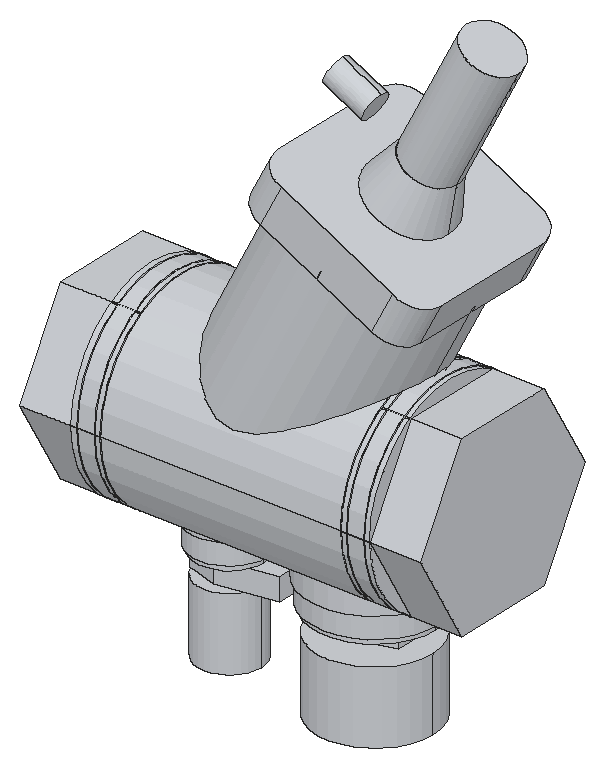
Revit family "PV_Compact_DN050_ 20-80_FF_měř_RFA_2019", category Pipe Accessories, Revit 2019
Family settings
  Round Connector Dimension = Use Diameter
  Part Type = Valve - Breaks Into
  Work Plane-Based = No
  Always vertical = Yes
  Cut with Voids When Loaded = No
  Shared = No
Parameters (values of type "PV Compact DN50 FF s měřením ( 20-80kPa)")
  magiProductId = "de24153ded7e41748f92358b184bd6"
  magiProductFamilyId = "17221e4467384e4990f0bd3f9c07cb"
  magiPartTypeId = 304
  isMeasuringValve [instance] = no
  ang2D [instance] = 0.00°
  Z7 = 15 mm
  Z6 = 46.8 mm
  Z5 = 109.2 mm
  Z4 = 93.6 mm
  Z3 = 15.6 mm
  Z2 = 78 mm
  XR3 = 42.5 mm
  XR2 = 37.5 mm
  XR1 = 25.5 mm
  W2D = 15 mm
  VersionID = "2.0/2018.12.13.2/FRESE_PV_COMPACT_PLUG_Q13_001"
  Use Minimum Symbol Size [instance] = no
  URL = "www.hydronix.cz"
  Type Comments = "závitový s vnitřním závitem; dvěma měřicími vsuvkami; PN25; dpmax=450kPa; -10~+120°C;"
  R5 = 5 mm
  R4 = 15 mm
  R3 = 10 mm
  R2 = 35.25 mm
  R1 = 31.5 mm
  QmdConnectorList = "301;D;302;D"
  Productdata [instance] = ""
  PH__ve = -PH  # -6.4 mm
  PH = 6.4 mm
  NL__ve = -NL  # -27.6 mm
  NL = 27.6 mm
  Manufacturer = "Hydronix"
  MC Use Limits From Balancing Method = no
  MC Throttling Minimum Value = 0
  MC Throttling Maximum Value = 0
  MC Product Code = "53-3218 DN50; FF; nastavitelný rozsah dp=20~80kPa; Q=5000~11500l/h;  kvs=16,2"
  MC Pressure Drop Minimum Value = 0.0 Pa
  MC Pressure Drop Maximum Value = 0.0 Pa
  MC Piping Given Pressure Drop [instance] = 0.0 Pa
  M5 = 51.4 mm
  M4 = 49.4 mm
  M3 = 43.4 mm
  M2 = 41.4 mm
  LP = 69 mm
  LM = 82.8 mm
  LL__ve = -LL  # -7.7 mm
  LLT__ve = -LLT  # -28.9 mm
  LLT = 28.9 mm
  LL2 = 52 mm
  LL = 7.7 mm
  L3 = 25 mm
  L2D_Min = 30.48 mm
  L2D = 65 mm
  Description = "Nastavitelný regulátor tlakové diference"
  DR1 = no
  DR0 = yes
  DL2 = 66 mm
  D = 50 mm
  CenSd_R2_6 = R2 * cos(30.00°)  # 30.527 mm
  CAT0 = yes
  C0D1 = no
  C0D0 = yes
Types (10, lengths in mm): name | magiProductId | Z6 | Z5 | Z4 | Z3 | Z2 | XR3 | XR2 | XR1 | R2 | R1 | PH__ve | PH | NL__ve | NL | MC Product Code | M5 | M4 | M3 | M2 | LP | LM | LL__ve | LLT__ve | LLT | LL2 | LL | L3 | D | CenSd_R2_6
  PV Compact DN15 FF s měřením ( 20-60kPa) | "92c6061b2d364c498536f200ceae3f" | 24.6 | 57.4 | 49.2 | 8.2 | 41 | 30 | 25 | 13 | 14 | 19 | -22.4 | 22.4 | -15 | 15 | "53-3205 DN15; FF; nastavitelný rozsah dp=20~60kPa; Q=100~1000l/h;  kvs=2,9" | 32.5 | 30.5 | 24.5 | 22.5 | 37.5 | 45 | -5.7 | -14.9 | 14.9 | 32 | 5.7 | 11 | 15 | 12.124
  PV Compact DN15 FF s měřením (  5-30kPa) | "f361d342a5c3496a8b127ae77303d4" | 24.6 | 57.4 | 49.2 | 8.2 | 41 | 30 | 25 | 13 | 14 | 19 | -22.4 | 22.4 | -15 | 15 | "53-3204 DN15; FF; nastavitelný rozsah dp=5~30kPa; Q=50~600l/h;  kvs=2,9" | 32.5 | 30.5 | 24.5 | 22.5 | 37.5 | 45 | -5.7 | -14.9 | 14.9 | 32 | 5.7 | 11 | 15 | 12.124
  PV Compact DN20 FF s měřením ( 20-60kPa) | "9f7cac6a20a942348ba3edadb25c10" | 24.6 | 57.4 | 49.2 | 8.2 | 41 | 30 | 25 | 13 | 14 | 19 | -22.4 | 22.4 | -15.8 | 15.8 | "53-3207 DN20; FF; nastavitelný rozsah dp=20~60kPa; Q=150~2000l/h;  kvs=3,5" | 33.7 | 31.7 | 25.7 | 23.7 | 39.5 | 47.4 | -5.7 | -14.9 | 14.9 | 32 | 5.7 | 11 | 20 | 12.124
  PV Compact DN20 FF s měřením (  5-30kPa) | "db23a1b537c14a0d8d3ef5b88ba9f3" | 24.6 | 57.4 | 49.2 | 8.2 | 41 | 30 | 25 | 13 | 14 | 19 | -22.4 | 22.4 | -15.8 | 15.8 | "53-3206 DN20; FF; nastavitelný rozsah dp=5~30kPa; Q=100~1000l/h;  kvs=3,5" | 33.7 | 31.7 | 25.7 | 23.7 | 39.5 | 47.4 | -5.7 | -14.9 | 14.9 | 32 | 5.7 | 11 | 20 | 12.124
  PV Compact DN25 FF s měřením (  5-30kPa) | "df9f1d59aa4a4bbbaec25e168ba07d" | 25.5 | 59.5 | 51 | 8.5 | 42.5 | 30 | 25 | 13 | 14 | 19 | -20.8 | 20.8 | -16.6 | 16.6 | "53-3208 DN25; FF; nastavitelný rozsah dp=5~30kPa; Q=600~2100l/h;  kvs=4,0" | 34.9 | 32.9 | 26.9 | 24.9 | 41.5 | 49.8 | -5.9 | -16.3 | 16.3 | 34 | 5.9 | 11 | 25 | 12.124
  PV Compact DN25L FF s měřením ( 20-80kPa) | "87b7cca8bace4074a54840dfb5d8dc" | 40.2 | 93.8 | 80.4 | 13.4 | 67 | 42.5 | 37.5 | 25.5 | 26.5 | 31.5 | -17.6 | 17.6 | -20 | 20 | "53-3211 DN25L; FF; nastavitelný rozsah dp=20~80kPa; Q=750~4200l/h;  kvs=8,7" | 40 | 38 | 32 | 30 | 50 | 60 | -6.3 | -19.1 | 19.1 | 38 | 6.3 | 11 | 25 | 22.95
  PV Compact DN25L FF s měřením (  5-30kPa) | "5f34f6c18cbb44599cc4b76a533b7b" | 40.2 | 93.8 | 80.4 | 13.4 | 67 | 42.5 | 37.5 | 25.5 | 26.5 | 31.5 | -17.6 | 17.6 | -20 | 20 | "53-3210 DN25L; FF; nastavitelný rozsah dp=5~30kPa; Q=600~2500l/h;  kvs=8,7" | 40 | 38 | 32 | 30 | 50 | 60 | -6.3 | -19.1 | 19.1 | 38 | 6.3 | 11 | 25 | 22.95
  PV Compact DN32 FF s měřením ( 20-80kPa) | "4a8a1c2c3ced401aa76adec660b182" | 40.2 | 93.8 | 80.4 | 13.4 | 67 | 42.5 | 37.5 | 25.5 | 26.5 | 31.5 | -13.6 | 13.6 | -20.8 | 20.8 | "53-3214 DN32; FF; nastavitelný rozsah dp=20~80kPa; Q=1000~5000l/h;  kvs=10,1" | 41.2 | 39.2 | 33.2 | 31.2 | 52 | 62.4 | -6.8 | -22.6 | 22.6 | 43 | 6.8 | 25 | 32 | 22.95
  PV Compact DN40 FF s měřením ( 20-80kPa) | "8dd334465d8f48dd802c3dab6bec5b" | 46.8 | 109.2 | 93.6 | 15.6 | 78 | 42.5 | 37.5 | 25.5 | 26.5 | 31.5 | -11.2 | 11.2 | -27.6 | 27.6 | "53-3216 DN40; FF; nastavitelný rozsah dp=20~80kPa; Q=3000~8000l/h;  kvs=15,8" | 51.4 | 49.4 | 43.4 | 41.4 | 69 | 82.8 | -7.1 | -24.7 | 24.7 | 46 | 7.1 | 25 | 40 | 22.95
  PV Compact DN50 FF s měřením ( 20-80kPa) | "de24153ded7e41748f92358b184bd6" | 46.8 | 109.2 | 93.6 | 15.6 | 78 | 42.5 | 37.5 | 25.5 | 35.25 | 31.5 | -6.4 | 6.4 | -27.6 | 27.6 | "53-3218 DN50; FF; nastavitelný rozsah dp=20~80kPa; Q=5000~11500l/h;  kvs=16,2" | 51.4 | 49.4 | 43.4 | 41.4 | 69 | 82.8 | -7.7 | -28.9 | 28.9 | 52 | 7.7 | 25 | 50 | 30.527
Reference planes
  plane 1 "Center (Front/Back)": y = 0
  plane 2 "XYPLANE": z = 0
  plane 3 "Center (Left/Right)": x = 0
  plane 4 "408": x = 69
  plane 5 "407": x = -69
  plane 6 "402": z = -66
  plane 7 "213": x = 25
  plane 8 "168": z = -24.9
  plane 9 "167": z = -26.9
  plane 10 "166": z = -34.6
  plane 11 "165": z = -42.3
  plane 12 "164": z = -44.3
  plane 13 "154": z = 0
  plane 14 "152": y = 0
  plane 15 "151": z = -52
  plane 16 "150": x = -25
  plane 17 "75": through (307.08, 0, 685.28) normal (0.891, 0, -0.454)
  plane 18 "74": x = 51.4
  plane 19 "73": x = 49.4
  plane 20 "72": x = 43.4
  plane 21 "71": x = 41.4
  plane 22 "70": x = -51.4
  plane 23 "69": x = -49.4
  plane 24 "68": x = -43.4
  plane 25 "67": y = 0
  plane 26 "66": through (-666.893, 0, 343.166) normal (0.454, 0, 0.891)
  plane 27 "65": x = -41.4
  plane 28 "64": through (335.147, 0, 670.979) normal (0.891, 0, -0.454)
  plane 29 "63": through (-632.844, 0, 409.991) normal (0.454, 0, 0.891)
  plane 30 "62": through (363.214, 0, 656.678) normal (0.891, 0, -0.454)
  plane 31 "61": y = 31.5
  plane 32 "60": y = -31.5
  plane 33 "59": through (-625.761, 0, 423.891) normal (0.454, 0, 0.891)
  plane 34 "58": through (-618.679, 0, 437.791) normal (0.454, 0, 0.891)
  plane 35 "57": through (302.625, 0, 687.549) normal (0.891, 0, -0.454)
  plane 36 "56": x = 0
  plane 37 "55": through (-668.255, 0, 340.493) normal (0.454, 0, 0.891)
  plane 38 "102XY": through (-668.255, 0, 340.493) normal (0.454, 0, 0.891)
  plane 39 "102XZ": y = 0
  plane 40 "102YZ": through (340.493, 0, 668.255) normal (0.891, 0, -0.454)
Forms (mm)
  Extrusion 1, solid
    sketch origin (69, -750, 0) x (0, 1, 0) y (0, 0, 1)
      loop
        line (785.25, 0) -> (767.625, 30.527) -> (732.375, 30.527) -> (714.75, 0) -> (732.375, -30.527) -> (767.625, -30.527) -> (785.25, 0)
    from 0 to -27.6 <- "NL__ve"
  Extrusion 2, solid
    sketch origin (-69, -750, 0) x (0, 1, 0) y (0, 0, 1)
      loop
        line (714.75, 0) -> (732.375, -30.527) -> (767.625, -30.527) -> (785.25, 0) -> (767.625, 30.527) -> (732.375, 30.527) -> (714.75, 0)
    from 0 to 27.6 <- "NL"
  Extrusion 3, solid, visible <- "C0D1"
    sketch origin (-750, 0, -66) x (1, 0, 0) y (0, 1, 0)
      loop
        circle (775, 0) r 24
    from 0 to 50
  Extrusion 4, solid, visible <- "DR1"
    sketch origin (-750, 0, -34.6) x (1, 0, 0) y (0, 1, 0)
      loop
        line (775, -24.5) -> (790.292, -6) -> (790.292, 6) -> (775, 24.5) -> (750.608, 6) -> (750.608, -6) -> (775, -24.5)
    from 0 to -6.4 <- "PH__ve"
  Extrusion 5, solid, visible <- "DR1"
    sketch origin (-750, 0, -34.6) x (1, 0, 0) y (0, 1, 0)
      loop
        circle (775, 0) r 24
    from 0 to 7.7 <- "LL"
  Blend 6, solid, visible <- "DR1"
    base sketch origin (-750, 0, -24.9) x (1, 0, 0) y (0, 1, 0)
      loop
        circle (775, 0) r 21.5
    top sketch origin (-750, 0, -24.9) x (1, 0, 0) y (0, 1, 0)
      loop
        circle (775, 0) r 24
    from 0 to -2
  Extrusion 7, solid, visible <- "DR1"
    sketch origin (-750, 0, 0) x (1, 0, 0) y (0, 1, 0)
      loop
        circle (775, 0) r 21.5
    from 0 to -28.9 <- "LLT__ve"
  Extrusion 8, solid, visible <- "C0D0"
    sketch origin (-750, 0, -52) x (1, 0, 0) y (0, 1, 0)
      loop
        circle (775, 0) r 20
    from 0 to -25
  Extrusion 9, solid, visible <- "DR0"
    sketch origin (-750, 0, -44.3) x (1, 0, 0) y (0, 1, 0)
      loop
        line (775, -7) -> (785.962, -3.5) -> (785.962, 3.5) -> (775, 7) -> (754.938, 3.5) -> (754.938, -3.5) -> (775, -7)
    from 0 to -7.7 <- "LL__ve"
  Extrusion 10, solid, visible <- "DR0"
    sketch origin (-750, 0, -44.3) x (1, 0, 0) y (0, 1, 0)
      loop
        circle (775, 0) r 21
    from 0 to 2
  Extrusion 11, solid, visible <- "DR0"
    sketch origin (-750, 0, -34.6) x (1, 0, 0) y (0, 1, 0)
      loop
        circle (775, 0) r 23
    from 0 to 7.7 <- "LL"
  Blend 12, solid, visible <- "DR0"
    base sketch origin (-750, 0, -24.9) x (1, 0, 0) y (0, 1, 0)
      loop
        circle (775, 0) r 20.5
    top sketch origin (-750, 0, -24.9) x (1, 0, 0) y (0, 1, 0)
      loop
        circle (775, 0) r 23
    from 0 to -2
  Extrusion 13, solid, visible <- "DR0"
    sketch origin (-750, 0, 0) x (1, 0, 0) y (0, 1, 0)
      loop
        circle (775, 0) r 20.5
    from 0 to -28.9 <- "LLT__ve"
  Extrusion 14, solid, visible <- "DR0"
    sketch origin (-750, 0, 0) x (1, 0, 0) y (0, 1, 0)
      loop
        circle (775, 0) r 20.5
    from 0 to -28.9 <- "LLT__ve"
  Blend 15, solid, visible <- "DR0"
    base sketch origin (-750, 0, -24.9) x (1, 0, 0) y (0, 1, 0)
      loop
        circle (775, 0) r 20.5
    top sketch origin (-750, 0, -24.9) x (1, 0, 0) y (0, 1, 0)
      loop
        circle (775, 0) r 23
    from 0 to -2
  Extrusion 16, solid, visible <- "DR0"
    sketch origin (-750, 0, -34.6) x (1, 0, 0) y (0, 1, 0)
      loop
        circle (775, 0) r 23
    from 0 to 7.7 <- "LL"
  Extrusion 17, solid, visible <- "DR0"
    sketch origin (-750, 0, -42.3) x (1, 0, 0) y (0, 1, 0)
      loop
        circle (775, 0) r 22
    from 0 to 7.7 <- "LL"
  Extrusion 18, solid, visible <- "DR0"
    sketch origin (-750, 0, -44.3) x (1, 0, 0) y (0, 1, 0)
      loop
        circle (775, 0) r 21
    from 0 to 2
  Extrusion 19, solid, visible <- "DR0"
    sketch origin (-750, 0, -44.3) x (1, 0, 0) y (0, 1, 0)
      loop
        line (775, -7) -> (785.962, -3.5) -> (785.962, 3.5) -> (775, 7) -> (754.938, 3.5) -> (754.938, -3.5) -> (775, -7)
    from 0 to -7.7 <- "LL__ve"
  Extrusion 20, solid, visible <- "C0D0"
    sketch origin (-750, 0, -52) x (1, 0, 0) y (0, 1, 0)
      loop
        circle (775, 0) r 20
    from 0 to -25
  Extrusion 21, solid, visible <- "CAT0"
    sketch origin (-750, 0, -52) x (1, 0, 0) y (0, 1, 0)
      loop
        circle (725, 0) r 10.9
    from 0 to -25
  Extrusion 22, solid
    sketch origin (-750, 0, -44.3) x (1, 0, 0) y (0, 1, 0)
      loop
        line (725, -7) -> (745.062, -3.5) -> (745.062, 3.5) -> (725, 7) -> (714.038, 3.5) -> (714.038, -3.5) -> (725, -7)
    from 0 to -7.7 <- "LL__ve"
  Extrusion 23, solid
    sketch origin (-750, 0, -44.3) x (1, 0, 0) y (0, 1, 0)
      loop
        circle (725, 0) r 11.9
    from 0 to 2
  Extrusion 24, solid
    sketch origin (-750, 0, -42.3) x (1, 0, 0) y (0, 1, 0)
      loop
        circle (725, 0) r 12.9
    from 0 to 7.7 <- "LL"
  Extrusion 25, solid
    sketch origin (-750, 0, -34.6) x (1, 0, 0) y (0, 1, 0)
      loop
        circle (725, 0) r 13.9
    from 0 to 7.7 <- "LL"
  Blend 26, solid
    base sketch origin (-750, 0, -24.9) x (1, 0, 0) y (0, 1, 0)
      loop
        circle (725, 0) r 11.4
    top sketch origin (-750, 0, -24.9) x (1, 0, 0) y (0, 1, 0)
      loop
        circle (725, 0) r 13.9
    from 0 to -2
  Extrusion 27, solid
    sketch origin (-750, 0, 0) x (1, 0, 0) y (0, 1, 0)
      loop
        circle (725, 0) r 11.4
    from 0 to -28.9 <- "LLT__ve"
  Blend 28, solid, visible <- "CAT0"
    base sketch origin (49.4, -750, 0) x (0, 1, 0) y (0, 0, 1)
      loop
        circle (750, 0) r 35.25
    top sketch origin (49.4, -750, 0) x (0, 1, 0) y (0, 0, 1)
      loop
        circle (750, 0) r 35.25
    from 0 to 2
  Extrusion 29, solid, visible <- "CAT0"
    sketch origin (43.4, -750, 0) x (0, 1, 0) y (0, 0, 1)
      loop
        circle (750, 0) r 35.25
    from 0 to 6
  Blend 30, solid, visible <- "CAT0"
    base sketch origin (41.4, -750, 0) x (0, 1, 0) y (0, 0, 1)
      loop
        circle (750, 0) r 35.25
    top sketch origin (41.4, -750, 0) x (0, 1, 0) y (0, 0, 1)
      loop
        circle (750, 0) r 35.25
    from 0 to 2
  Blend 31, solid, visible <- "CAT0"
    base sketch origin (-49.4, -750, 0) x (0, 1, 0) y (0, 0, 1)
      loop
        circle (750, 0) r 35.25
    top sketch origin (-49.4, -750, 0) x (0, 1, 0) y (0, 0, 1)
      loop
        circle (750, 0) r 35.25
    from 0 to -2
  Extrusion 32, solid, visible <- "CAT0"
    sketch origin (-49.4, -750, 0) x (0, 1, 0) y (0, 0, 1)
      loop
        circle (750, 0) r 35.25
    from 0 to 6
  Blend 33, solid, visible <- "CAT0"
    base sketch origin (-43.4, -750, 0) x (0, 1, 0) y (0, 0, 1)
      loop
        circle (750, 0) r 35.25
    top sketch origin (-43.4, -750, 0) x (0, 1, 0) y (0, 0, 1)
      loop
        circle (750, 0) r 35.25
    from 0 to 2
  Extrusion 34, solid, visible <- "CAT0"
    sketch origin (-41.4, -750, 0) x (0, 1, 0) y (0, 0, 1)
      loop
        circle (750, 0) r 35.25
    from 0 to 82.8 <- "LM"
  Extrusion 35, solid, visible <- "CAT0"
    sketch origin (-666.893, 0, 343.166) x (0.891007, 0, -0.45399) y (0, 1, 0)
      loop
        circle (744, 0) r 31.5
    from 0 to 78 <- "Z2"
  Extrusion 36, solid, visible <- "CAT0"
    sketch origin (-632.844, 0, 409.991) x (0.891007, 0, -0.45399) y (0, 1, 0)
      loop
        arc (722.5, 31.5) -> (715.429, 28.571) -> (712.5, 21.5) r 10
        line (712.5, 21.5) -> (712.5, -21.5)
        arc (712.5, -21.5) -> (715.429, -28.571) -> (722.5, -31.5) r 10
        line (722.5, -31.5) -> (765.5, -31.5)
        arc (765.5, -31.5) -> (772.571, -28.571) -> (775.5, -21.5) r 10
        line (775.5, -21.5) -> (775.5, 21.5)
        arc (775.5, 21.5) -> (772.571, 28.571) -> (765.5, 31.5) r 10
        line (765.5, 31.5) -> (722.5, 31.5)
    from 0 to 15.6 <- "Z3"
  Blend 37, solid, visible <- "CAT0"
    base sketch origin (-625.761, 0, 423.891) x (0.891007, 0, -0.45399) y (0, 1, 0)
      loop
        circle (744, 0) r 15
    top sketch origin (-625.761, 0, 423.891) x (0.891007, 0, -0.45399) y (0, 1, 0)
      loop
        circle (744, 0) r 10
    from 0 to 15.6
  Extrusion 38, solid, visible <- "CAT0"
    sketch origin (-618.679, 0, 437.791) x (0.891007, 0, -0.45399) y (0, 1, 0)
      loop
        circle (744, 0) r 10
    from 0 to 46.8 <- "Z6"
  Extrusion 39, solid, visible <- "CAT0"
    sketch origin (302.625, 0, 687.549) x (-0.45399, 0, -0.891007) y (0, 1, 0)
      loop
        circle (640.8, 0) r 5
    from 0 to 15 <- "Z7"
  Blend 40, solid, visible <- "CAT0"
    base sketch origin (-668.255, 0, 340.493) x (0.891007, 0, -0.45399) y (0, 1, 0)
      loop
        circle (744, 0) r 27.5
    top sketch origin (-668.255, 0, 340.493) x (0.891007, 0, -0.45399) y (0, 1, 0)
      loop
        circle (744, 0) r 31.5
    from 0 to 3
  Extrusion 41, solid, not visible
    sketch origin (-51.4, -750, 0) x (0, 1, 0) y (0, 0, 1)
      loop
        circle (750, 0) r 22.5
    from 0 to 10
  Extrusion 42, solid, not visible
    sketch origin (51.4, -750, 0) x (0, 1, 0) y (0, 0, 1)
      loop
        circle (750, 0) r 22.5
    from 0 to -10
Lines and regions (mm)
  reference lines, not visible
    curve 1: circle (2, 2, 0) r 1 normal (0, 0, 1)
  reference lines
    curve 2: line (69, 0, 0) -> (69, -3.5, 6.062)
    curve 3: line (69, 0, 0) -> (69, -7, 0)
    curve 4: line (69, 0, 0) -> (69, -3.5, -6.062)
    curve 5: line (-69, 0, 0) -> (-69, 3.5, 6.062)
    curve 6: line (-69, 0, 0) -> (-69, 7, 0)
    curve 7: line (-69, 0, 0) -> (-69, 3.5, -6.062)
Dimensions and locks
  plane 1 "Center (Front/Back)" to curve 1 = 2 mm
  "LP": plane 36 "56" to plane 4 "408"
  "LP": plane 36 "56" to plane 5 "407"
  "DL2": plane 2 "XYPLANE" to plane 6 "402"
  "L3": plane 3 "Center (Left/Right)" to plane 7 "213"
  locked: plane 9 "167" to plane 8 "168" at 2
  "LL": plane 10 "166" to plane 9 "167"
  "LL": plane 11 "165" to plane 10 "166"
  locked: plane 12 "164" to plane 11 "165" at 2
  "LL": plane 15 "151" to plane 12 "164"
  locked: plane 2 "XYPLANE" to plane 13 "154"
  locked: plane 1 "Center (Front/Back)" to plane 14 "152"
  "LL2": plane 2 "XYPLANE" to plane 15 "151"
  "L3": plane 3 "Center (Left/Right)" to plane 16 "150"
  "XR2": plane 40 "102YZ" to plane 17 "75"
  "M5": plane 3 "Center (Left/Right)" to plane 18 "74"
  "M4": plane 3 "Center (Left/Right)" to plane 19 "73"
  "M3": plane 3 "Center (Left/Right)" to plane 20 "72"
  "M2": plane 3 "Center (Left/Right)" to plane 21 "71"
  "M5": plane 3 "Center (Left/Right)" to plane 22 "70"
  "M4": plane 3 "Center (Left/Right)" to plane 23 "69"
  "M3": plane 3 "Center (Left/Right)" to plane 24 "68"
  locked: plane 14 "152" to plane 25 "67"
  locked: plane 38 "102XY" to plane 26 "66" at 3
  "M2": plane 3 "Center (Left/Right)" to plane 27 "65"
  locked: plane 40 "102YZ" to plane 28 "64" at 6
  "Z2": plane 38 "102XY" to plane 29 "63"
  "XR1": plane 40 "102YZ" to plane 30 "62"
  "R1": plane 14 "152" to plane 31 "61"
  "R1": plane 14 "152" to plane 32 "60"
  "Z4": plane 38 "102XY" to plane 33 "59"
  "Z5": plane 38 "102XY" to plane 34 "58"
  "XR3": plane 40 "102YZ" to plane 35 "57"
  locked: plane 3 "Center (Left/Right)" to plane 36 "56"
  locked: plane 38 "102XY" to plane 37 "55"
  "CenSd_R2_6": curve 2 to Extrusion 1 sketch curve  (x2)
  "CenSd_R2_6": curve 3 to Extrusion 1 sketch curve  (x2)
  "CenSd_R2_6": curve 4 to Extrusion 1 sketch curve  (x2)
  Extrusion 1 sketch curve to Extrusion 1 sketch curve = 0 mm  (x12)
  "CenSd_R2_6": curve 5 to Extrusion 2 sketch curve  (x2)
  "CenSd_R2_6": curve 6 to Extrusion 2 sketch curve  (x2)
  "CenSd_R2_6": curve 7 to Extrusion 2 sketch curve  (x2)
  Extrusion 2 sketch curve to Extrusion 2 sketch curve = 0 mm  (x12)
  Extrusion 4 sketch curve to Extrusion 4 sketch curve = 0 mm  (x12)
  Extrusion 9 sketch curve to Extrusion 9 sketch curve = 0 mm  (x12)
  Extrusion 19 sketch curve to Extrusion 19 sketch curve = 0 mm  (x12)
  Extrusion 22 sketch curve to Extrusion 22 sketch curve = 0 mm  (x12)
  Extrusion 36 sketch curve to Extrusion 36 sketch curve = 0 mm  (x16)
  "R2": radius of Blend 28 sketch curve  (x2)
  "R2": radius of Extrusion 29 sketch curve
  "R2": radius of Blend 30 sketch curve  (x2)
  "R2": radius of Blend 31 sketch curve  (x2)
  "R2": radius of Extrusion 32 sketch curve
  "R2": radius of Blend 33 sketch curve  (x2)
  "R2": radius of Extrusion 34 sketch curve
  "R1": radius of Extrusion 35 sketch curve
  radius of Extrusion 36 sketch curve = 10 mm  (x4)
  "R3": radius of Blend 37 sketch curve
  "R4": radius of Blend 37 sketch curve
  "R3": radius of Extrusion 38 sketch curve
  "R5": radius of Extrusion 39 sketch curve
  "R1": radius of Blend 40 sketch curve
  locked: curve 3 to curve 2 (angle 60.00°)
  locked: curve 4 to curve 3 (angle 60.00°)
  locked: curve 4 to curve 2 (angle 120.00°)
  locked: curve 6 to curve 5 (angle 60.00°)
  locked: curve 7 to curve 6 (angle 60.00°)
  locked: curve 7 to curve 5 (angle 120.00°)
  aligned and locked: level to plane 2 "XYPLANE"
  aligned and locked: plane 13 "154" to curve 4
  aligned and locked: curve 4 to plane 14 "152"
  aligned and locked: plane 13 "154" to curve 7
  aligned and locked: curve 7 to plane 14 "152"
  aligned and locked: plane 7 "213" to Extrusion 3 sketch curve
  aligned and locked: plane 14 "152" to Extrusion 3 sketch curve
  aligned and locked: plane 7 "213" to Extrusion 5 sketch curve
  aligned and locked: plane 14 "152" to Extrusion 5 sketch curve
  aligned and locked: plane 7 "213" to Blend 6 sketch curve  (x2)
  aligned and locked: plane 14 "152" to Blend 6 sketch curve  (x2)
  aligned and locked: Blend 6 to plane 9 "167"
  aligned and locked: plane 7 "213" to Extrusion 7 sketch curve
  aligned and locked: plane 14 "152" to Extrusion 7 sketch curve
  aligned and locked: plane 7 "213" to Extrusion 8 sketch curve
  aligned and locked: plane 14 "152" to Extrusion 8 sketch curve
  aligned and locked: plane 7 "213" to Extrusion 10 sketch curve
  aligned and locked: plane 14 "152" to Extrusion 10 sketch curve
  aligned and locked: plane 7 "213" to Extrusion 11 sketch curve
  aligned and locked: plane 14 "152" to Extrusion 11 sketch curve
  aligned and locked: plane 7 "213" to Blend 12 sketch curve  (x2)
  aligned and locked: plane 14 "152" to Blend 12 sketch curve  (x2)
  aligned and locked: Blend 12 to plane 9 "167"
  aligned and locked: plane 7 "213" to Extrusion 13 sketch curve
  aligned and locked: plane 14 "152" to Extrusion 13 sketch curve
  aligned and locked: plane 7 "213" to Extrusion 14 sketch curve
  aligned and locked: plane 14 "152" to Extrusion 14 sketch curve
  aligned and locked: plane 7 "213" to Blend 15 sketch curve  (x2)
  aligned and locked: plane 14 "152" to Blend 15 sketch curve  (x2)
  aligned and locked: Blend 15 to plane 9 "167"
  aligned and locked: plane 7 "213" to Extrusion 16 sketch curve
  aligned and locked: plane 14 "152" to Extrusion 16 sketch curve
  aligned and locked: plane 7 "213" to Extrusion 17 sketch curve
  aligned and locked: plane 14 "152" to Extrusion 17 sketch curve
  aligned and locked: plane 7 "213" to Extrusion 18 sketch curve
  aligned and locked: plane 14 "152" to Extrusion 18 sketch curve
  aligned and locked: plane 7 "213" to Extrusion 20 sketch curve
  aligned and locked: plane 14 "152" to Extrusion 20 sketch curve
  aligned and locked: plane 14 "152" to Extrusion 21 sketch curve
  aligned and locked: plane 16 "150" to Extrusion 21 sketch curve
  aligned and locked: plane 14 "152" to Extrusion 23 sketch curve
  aligned and locked: plane 16 "150" to Extrusion 23 sketch curve
  aligned and locked: plane 14 "152" to Extrusion 24 sketch curve
  aligned and locked: plane 16 "150" to Extrusion 24 sketch curve
  aligned and locked: plane 14 "152" to Extrusion 25 sketch curve
  aligned and locked: plane 16 "150" to Extrusion 25 sketch curve
  aligned and locked: plane 14 "152" to Blend 26 sketch curve  (x2)
  aligned and locked: plane 16 "150" to Blend 26 sketch curve  (x2)
  aligned and locked: Blend 26 to plane 9 "167"
  aligned and locked: plane 14 "152" to Extrusion 27 sketch curve
  aligned and locked: plane 16 "150" to Extrusion 27 sketch curve
  aligned and locked: plane 13 "154" to Blend 28 sketch curve  (x2)
  aligned and locked: Blend 28 sketch curve to plane 14 "152"  (x2)
  aligned and locked: plane 18 "74" to Blend 28
  aligned and locked: plane 13 "154" to Extrusion 29 sketch curve
  aligned and locked: Extrusion 29 sketch curve to plane 14 "152"
  aligned and locked: plane 13 "154" to Blend 30 sketch curve  (x2)
  aligned and locked: Blend 30 sketch curve to plane 14 "152"  (x2)
  aligned and locked: plane 20 "72" to Blend 30
  aligned and locked: plane 13 "154" to Blend 31 sketch curve  (x2)
  aligned and locked: Blend 31 sketch curve to plane 14 "152"  (x2)
  aligned and locked: Blend 31 to plane 22 "70"
  aligned and locked: plane 13 "154" to Extrusion 32 sketch curve
  aligned and locked: Extrusion 32 sketch curve to plane 14 "152"
  aligned and locked: plane 13 "154" to Blend 33 sketch curve  (x2)
  aligned and locked: Blend 33 sketch curve to plane 14 "152"  (x2)
  aligned and locked: plane 27 "65" to Blend 33
  aligned and locked: plane 13 "154" to Extrusion 34 sketch curve
  aligned and locked: Extrusion 34 sketch curve to plane 14 "152"
  aligned and locked: plane 25 "67" to Extrusion 35 sketch curve
  aligned and locked: Extrusion 35 sketch curve to plane 28 "64"
  aligned and locked: Extrusion 36 sketch curve to plane 17 "75"
  aligned and locked: Extrusion 36 sketch curve to plane 32 "60"
  aligned and locked: Extrusion 36 sketch curve to plane 30 "62"
  aligned and locked: plane 31 "61" to Extrusion 36 sketch curve
  aligned and locked: plane 25 "67" to Blend 37 sketch curve  (x2)
  aligned and locked: Blend 37 sketch curve to plane 28 "64"  (x2)
  aligned and locked: plane 34 "58" to Blend 37
  aligned and locked: plane 25 "67" to Extrusion 38 sketch curve
  aligned and locked: Extrusion 38 sketch curve to plane 28 "64"
  aligned and locked: plane 25 "67" to Extrusion 39 sketch curve
  aligned and locked: plane 34 "58" to Extrusion 39 sketch curve
  aligned and locked: plane 25 "67" to Blend 40 sketch curve  (x2)
  aligned and locked: Blend 40 sketch curve to plane 28 "64"  (x2)
  aligned and locked: plane 26 "66" to Blend 40
  aligned and locked: plane 13 "154" to Extrusion 41 sketch curve
  aligned and locked: Extrusion 41 sketch curve to plane 14 "152"
  aligned and locked: plane 13 "154" to Extrusion 42 sketch curve
  aligned and locked: Extrusion 42 sketch curve to plane 14 "152"
Automatic sketch dimensions
  plane 3 "Center (Left/Right)" to Extrusion 3 sketch curve = 1 mm
  Extrusion 4 sketch curve to plane 7 "213" = 0 mm  (x2)
  plane 3 "Center (Left/Right)" to Extrusion 4 sketch curve = 0.608 mm
  Extrusion 4 sketch curve to plane 21 "71" = 1.108 mm
  plane 32 "60" to Extrusion 4 sketch curve = 7 mm
  plane 1 "Center (Front/Back)" to Extrusion 4 sketch curve = 6 mm  (x2)
  Extrusion 4 sketch curve to plane 1 "Center (Front/Back)" = 6 mm  (x2)
  Extrusion 4 sketch curve to plane 31 "61" = 7 mm
  plane 3 "Center (Left/Right)" to Extrusion 5 sketch curve = 1 mm
  plane 3 "Center (Left/Right)" to Blend 6 sketch curve = 3.5 mm
  plane 3 "Center (Left/Right)" to Blend 6 sketch curve = 1 mm
  plane 3 "Center (Left/Right)" to Extrusion 7 sketch curve = 3.5 mm
  plane 3 "Center (Left/Right)" to Extrusion 8 sketch curve = 5 mm
  Extrusion 9 sketch curve to plane 7 "213" = 0 mm  (x2)
  plane 3 "Center (Left/Right)" to Extrusion 9 sketch curve = 4.938 mm
  Extrusion 9 sketch curve to plane 21 "71" = 5.438 mm
  plane 1 "Center (Front/Back)" to Extrusion 9 sketch curve = 7 mm
  plane 1 "Center (Front/Back)" to Extrusion 9 sketch curve = 3.5 mm  (x2)
  Extrusion 9 sketch curve to plane 1 "Center (Front/Back)" = 3.5 mm  (x2)
  Extrusion 9 sketch curve to Extrusion 9 sketch curve = 3.5 mm
  plane 3 "Center (Left/Right)" to Extrusion 10 sketch curve = 4 mm
  plane 3 "Center (Left/Right)" to Extrusion 11 sketch curve = 2 mm
  plane 3 "Center (Left/Right)" to Blend 12 sketch curve = 4.5 mm
  plane 3 "Center (Left/Right)" to Blend 12 sketch curve = 2 mm
  plane 3 "Center (Left/Right)" to Extrusion 13 sketch curve = 4.5 mm
  plane 3 "Center (Left/Right)" to Extrusion 14 sketch curve = 4.5 mm
  plane 3 "Center (Left/Right)" to Blend 15 sketch curve = 4.5 mm
  plane 3 "Center (Left/Right)" to Blend 15 sketch curve = 2 mm
  plane 3 "Center (Left/Right)" to Extrusion 16 sketch curve = 2 mm
  plane 3 "Center (Left/Right)" to Extrusion 17 sketch curve = 3 mm
  plane 3 "Center (Left/Right)" to Extrusion 18 sketch curve = 4 mm
  Extrusion 19 sketch curve to plane 7 "213" = 0 mm  (x2)
  plane 3 "Center (Left/Right)" to Extrusion 19 sketch curve = 4.938 mm
  Extrusion 19 sketch curve to plane 21 "71" = 5.438 mm
  plane 1 "Center (Front/Back)" to Extrusion 19 sketch curve = 7 mm
  plane 1 "Center (Front/Back)" to Extrusion 19 sketch curve = 3.5 mm  (x2)
  Extrusion 19 sketch curve to plane 1 "Center (Front/Back)" = 3.5 mm  (x2)
  Extrusion 19 sketch curve to Extrusion 19 sketch curve = 3.5 mm
  plane 3 "Center (Left/Right)" to Extrusion 20 sketch curve = 5 mm
  plane 27 "65" to Extrusion 21 sketch curve = 5.5 mm
  Extrusion 22 sketch curve to plane 16 "150" = 0 mm  (x2)
  plane 27 "65" to Extrusion 22 sketch curve = 5.438 mm
  Extrusion 22 sketch curve to plane 3 "Center (Left/Right)" = 4.938 mm
  plane 1 "Center (Front/Back)" to Extrusion 22 sketch curve = 7 mm
  plane 1 "Center (Front/Back)" to Extrusion 22 sketch curve = 3.5 mm  (x2)
  Extrusion 22 sketch curve to plane 1 "Center (Front/Back)" = 3.5 mm  (x2)
  Extrusion 22 sketch curve to Extrusion 22 sketch curve = 3.5 mm
  plane 27 "65" to Extrusion 23 sketch curve = 4.5 mm
  plane 27 "65" to Extrusion 24 sketch curve = 3.5 mm
  plane 27 "65" to Extrusion 25 sketch curve = 2.5 mm
  plane 27 "65" to Blend 26 sketch curve = 5 mm
  plane 27 "65" to Blend 26 sketch curve = 2.5 mm
  plane 27 "65" to Extrusion 27 sketch curve = 5 mm
  plane 17 "75" to Blend 40 sketch curve = 4 mm
  plane 32 "60" to Extrusion 41 sketch curve = 9 mm
  plane 32 "60" to Extrusion 42 sketch curve = 9 mm
  plane 3 "Center (Left/Right)" to curve 1 = 2 mm
  radius of curve 1 = 1 mm
Connectors
  piping at (-51.4, 0, 0), diameter 50, driven by "D"
    settings: on Extrusion 41, index 1, connector inside diameter 609.6 mm, connector length 0 mm, flow factor 0, pipe flow 0.0 L/s, pressure drop 0.0 Pa, fitting loss kfactor 0, connector angle 0.00°, fixture units 0, engagement length 0 mm, angle of deflection 0.00°, flow configuration 0, flow direction 0, fitting loss method 0, system type 29, joint type 0, gender type 0, connector reference index 2, connector utility 0, adjustable connector no, is connector primary yes, connector description ""
  piping at (51.4, 0, 0), diameter 50, driven by "D"
    settings: on Extrusion 42, index 2, connector inside diameter 609.6 mm, connector length 0 mm, flow factor 0, pipe flow 0.0 L/s, pressure drop 0.0 Pa, fitting loss kfactor 0, connector angle 0.00°, fixture units 0, engagement length 0 mm, angle of deflection 0.00°, flow configuration 0, flow direction 0, fitting loss method 0, system type 29, joint type 0, gender type 0, connector reference index 1, connector utility 0, adjustable connector no, is connector primary no, connector description ""
